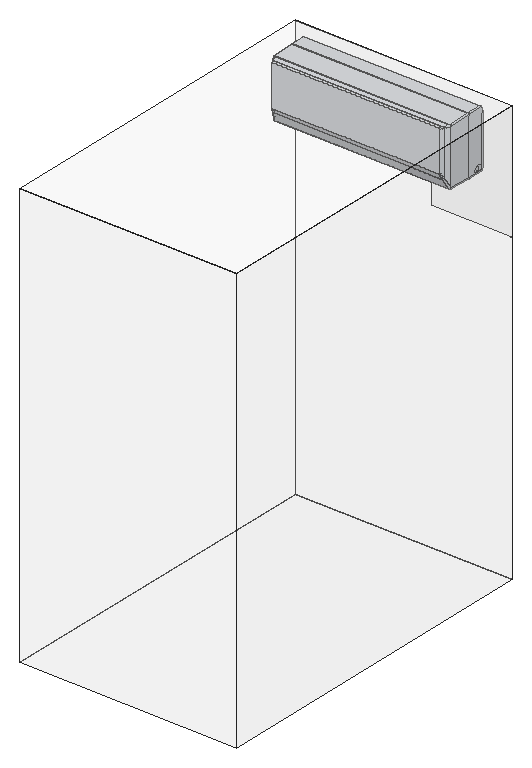
Revit family "pk-rp28_112laka19_60hz", category 機械設備, Revit 2019
Family settings
  丸型コネクタ寸法 = 直径を使用
  パーツ タイプ = 標準
  OmniClass 番号 = 23.75.10.24.21.27.27
  OmniClass タイトル = Split System Air Conditioning Units
  作業面ベース = いいえ
  常に垂直 = はい
  ロード時にボイドで切り取り = いいえ
  共有 = いいえ
  部屋計算ポイント = はい
Parameters (values of type "壁掛_PK-RP28LA3")
  風量_静 (m3/min) = 6.3
  風量_強 (m3/min) = 8.7
  風量_弱 (m3/min) = 7.3
  風量_中 (m3/min) = 8
  風量 = MAX風量  # 522.0 m³/h
  音響パワーレベル_静 (dB) = 45
  音響パワーレベル_弱 (dB) = 48
  音響パワーレベル_中 (dB) = 50
  音響パワーレベル_強 (dB) = 52
  音響パワーレベル(dB) = [音響パワーレベル_強 (dB)]  # 52
  電源種別 = ""
  電源_H = 0 mm
  電圧 = 0 V
  電動機出力_送風機 = 0.03 kW
  運転質量 = 0.00 kg
  連動 = ""
  質量 = if(製品質量 > 運転質量, 製品質量, 運転質量) * 1.2  # 15.00 kg
  負荷分類 = 3_ファン類
  構成品番 = "PK-RP28LA3"
  壁掛_PK-RP80_112KA17 = no
  壁掛_PK-RP56_71KA17 = no
  壁掛_PK-RP40_50LA = yes
  冷媒液管位置-Z = 280 mm
  冷媒液管位置-Y = 23 mm
  冷媒液管位置-X = 711 mm
  冷媒ガス管位置-Z = 268 mm
  冷媒ガス管位置-Y = 23 mm
  冷媒ガス管位置-X = 642 mm
  ドレン管径 (外径) = 22 mm
  ドレン位置-Z = 274 mm
  ドレン位置-Y = 37 mm
  ドレン位置-X = 660 mm
  サービススペース PK-RP56KA～PK-RP71KA = no
  サービススペース PK-RP40LA～PK-RP50LA / PK-RP80KA～PK-RP112KA = yes
  【値が 0 の項目は組合せ形名にてご確認ください】 = ""
  URL = "https://www.mitsubishielectric.co.jp/ldg/wink/ssl/top.do"
  Space Top = 50 mm
  Space Right_1 = 260 mm
  Space Right = 150 mm
  Space Left = 50 mm
  Space Bot_2 = 250 mm
  Space Bot_1 = 7 mm
  MIN２風量 = [風量_静 (m3/min)] * 60.0 m³/h  # 378.0 m³/h
  MIN風量 = [風量_弱 (m3/min)] * 60.0 m³/h  # 438.0 m³/h
  MID風量 = [風量_中 (m3/min)] * 60.0 m³/h  # 480.0 m³/h
  MAX風量 = [風量_強 (m3/min)] * 60.0 m³/h  # 522.0 m³/h
  説明 = "店舗・事務所用パッケージエアコン(Mr.SLIM) 壁掛形<ワイヤード>"
  設計暖房能力 = 0.00 kW
  設計冷房能力_顕熱 = 0 kW
  設計冷房能力 = 0 kW
  設置方法 = "壁掛形"
  記号 = ""
  製造元 = "三菱電機株式会社"
  製品質量 = 12.50 kg
  製品出荷対象 = "国内"
  製品リリース年月 = ""
  製品グループ = ""
  系統 = ""
  符号 = "PAC_WR"
  積算_科目 = "1 空気調和設備"
  積算_拾い区分 [instance] = ""
  相 = 1
  盤記号 = ""
  発停方法 = "付属スイッチ"
  特殊仕様 = ""
  火災停止 = ""
  消費電力_暖房 = 0.02 kW
  消費電力_冷房 = 0.03 kW
  消費電力 = if(消費電力_冷房 > 消費電力_暖房, 消費電力_冷房, 消費電力_暖房)  # 0.03 kW
  法定耐用年数 = "6"
  極数 = 1
  材質 = ""
  本体マテリアル = none
  有効加湿量 = 0
  暖房能力 = 2.80 kW
  推奨ブレーカー容量 = 0 A
  形式_加湿器 = ""
  形式 = "壁掛（露出）形"
  幹線記号 = ""
  始動方式 = "直入"
  呼称 = "室内機_壁掛（露出）形"
  周波数 = 60 Hz
  吊り位置Y = 0 mm
  吊り位置X = 0 mm
  吊りボルト_H = 0 mm
  台数_手元リモコン = ""
  台数_冷媒分岐ユニット = ""
  参照している仕様書等のバージョン = "公共建築工事標準仕様書（機械設備工事編）平成31年度版"
  加湿給水管径 = 0.00 mm
  分類コード = "5.0053E+13"
  分類グループ = ""
  冷房能力 = 2.5 kW
  冷媒高低圧ガス管径 = 0.00 mm
  冷媒管径符号 = "Ac"
  冷媒管径 = 100.00 mm
  冷媒液管径 = 6.35 mm
  冷媒ガス管径 = 12.70 mm
  企業コード = "108420"
  付属品_フィルター = ""
  付属品 = ""
  仕様書バージョン = "Version1.0"
  Model = ""
  パネルマテリアル = none
  ドレン管径 = 16.00 mm
  サービススペース = yes
  コメント [instance] = ""
  ケーブル種類 = ""
  ケーブルサイズ = 0 mm
  Width = 898 mm
  Uniclass2015Version = "Systems v1.9"
  Uniclass2015Title = "Split coil remote air cooled condensing units"
  Uniclass2015Code = "Pr_70_65_03_84"
  SpecificationReference = ""
  SpecificationDescription = ""
  S_H = 356 mm
  Revision = ""
  ProductInformation = ""
  OmniClassCode = "23-33 17 13 11"
  IfcTypeProduct = ""
  IfcProduct = ""
  IfcExportType = "AIRCONDITIONINGUNIT"
  IfcExportAs = "IfcUnitaryEquipmentType"
  Height = 299 mm
  Depth = 237 mm
  価格 = 0
  Clearance Top = 50 mm
  Clearance Right = 150 mm
  Clearance Left = 50 mm
  Clearance Front = 1500 mm
  Clearance Bottom = 1800 mm
  Clearance Back = 0 mm
  Author = "三菱電機株式会社"
Reference planes
  plane 1 "中心(正面/背面)": y = 0
  plane 2: z = 11
  plane 3 "中心(左/右)": x = 0
  plane 4: x = -449
  plane 5: x = 449
  plane 6: z = -288
  plane 7: y = -242
  plane 8: y = -5
  plane 9: x = -211
  plane 10: x = -193
  plane 11: x = -262
  plane 12: y = -28
  plane 13: y = -28
  plane 14: y = -42
  plane 15: z = -269
  plane 16: z = -257
  plane 17: z = -263
  plane 18: z = 61
  plane 19: x = -499
  plane 20: x = 599
  plane 21: z = -295
  plane 22: z = -538
  plane 23: x = 189
  plane 24: y = -1742
  plane 25: z = -2088
  plane 26: x = -499
  plane 27: x = 599
  plane 28: y = -28
Forms (mm)
  Extrusion 1, solid, detail levels fine
    sketch origin (-88.875, 0, -1713) x (-1, 0, 0) y (0, 0, 1)
      loop
        line (-487.875, 1574) -> (-487.875, 1549) -> (-462.875, 1549) -> (-462.875, 1574) -> (-487.875, 1574)
    from -1 to 0
  Extrusion 2, solid, detail levels fine
    sketch origin (0, 0, 0) x (0, 1, 0) y (0, 0, 1)
      loop
        circle (-42, -263) r 11
    from 444 to 449
  Extrusion 3, solid, detail levels fine
    sketch origin (0, 0, 0) x (0, 1, 0) y (0, 0, 1)
      loop
        circle (-28, -263) r 15
    from 444 to 449
Dimensions and locks
  equal spacing: plane 5, plane 3 "中心(左/右)", plane 4
  "Width": plane 5 to plane 4
  "Height": level to plane 6
  locked: plane 8 to plane 1 "中心(正面/背面)" at 5
  "Depth": plane 7 to plane 8
  "ドレン位置-X": plane 5 to plane 9
  "冷媒ガス管位置-X": plane 5 to plane 10
  "冷媒液管位置-X": plane 5 to plane 11
  "ドレン位置-Y": plane 14 to plane 8
  "冷媒ガス管位置-Y": plane 13 to plane 8
  "冷媒液管位置-Y": plane 12 to plane 8
  "ドレン位置-Z": level to plane 17
  "冷媒ガス管位置-Z": level to plane 16
  "冷媒液管位置-Z": level to plane 15
  "Space Top": plane 18 to level
  "Space Left": plane 4 to plane 19
  "Space Right": plane 20 to plane 5
  "Space Bot_1": plane 6 to plane 21
  "Space Bot_2": plane 6 to plane 22
  "Space Right_1": plane 5 to plane 23
  equal spacing: plane 16, Extrusion 3 sketch curve, plane 15
  equal spacing: plane 12, Extrusion 3 sketch curve, plane 13
  locked: plane 5 to Extrusion 3 at 5
  "Clearance Front": plane 24 to plane 7
  "Clearance Bottom": plane 6 to plane 25
  "Clearance Left": plane 4 to plane 26
  "Clearance Right": plane 27 to plane 5
  plane 5 to Extrusion 1 sketch curve = 50 mm
  nested 3 to Extrusion 1 sketch curve = 150 mm
  "Clearance Top": nested 4 to plane 2
  "ドレン管径 (外径)": diameter of Extrusion 2 sketch curve
  aligned and locked: level to plane 2
  aligned and locked: plane 1 "中心(正面/背面)" to nested 1
  aligned and locked: plane 1 "中心(正面/背面)" to nested 2
  aligned and locked: plane 1 "中心(正面/背面)" to nested 3
  aligned and locked: level to nested 1
  aligned and locked: level to nested 3
  aligned and locked: plane 3 "中心(左/右)" to nested 2
  aligned and locked: plane 3 "中心(左/右)" to nested 1
  aligned and locked: plane 3 "中心(左/右)" to nested 3
  aligned and locked: plane 14 to Extrusion 2 sketch curve
  aligned and locked: plane 17 to Extrusion 2 sketch curve
  aligned and locked: plane 5 to Extrusion 3
  aligned and locked: plane 5 to Extrusion 2
  aligned and locked: Extrusion 3 to Extrusion 2
  aligned and locked: plane 1 "中心(正面/背面)" to nested 4
  aligned and locked: plane 24 to nested 4
  aligned and locked: plane 25 to nested 4
  aligned and locked: plane 26 to nested 4
  aligned and locked: plane 27 to nested 4
  aligned and locked: plane 18 to nested 4
  aligned and locked: plane 1 "中心(正面/背面)" to nested 5
  aligned and locked: plane 3 "中心(左/右)" to nested 5
  aligned and locked: plane 2 to nested 3
Automatic sketch dimensions
  Extrusion 1 sketch curve to plane 5 = 75 mm
  Extrusion 1 sketch curve to Extrusion 1 sketch curve = 25 mm
  radius of Extrusion 3 sketch curve = 15 mm
Nested families
  nested 1: "pk-rp40_50(la)ka17" at (0, 0, 10), type "壁掛_PK-RP40_50LA", detail levels fine
  nested 2: "pk-rp56_71(la)ka17" at (0, 0, 11), type "壁掛_PK-RP56_71KA17"
    with 壁掛_PK-RP56-71KA17 no
  nested 3: "pk-rp80_112(la)ka17" at (0, 0, 11), type "壁掛_PK-RP80_112KA17"
    with 壁掛_PK-RP80_112KA17 no, 冷媒液管径 6.35 mm, 冷媒ガス管径 12.70 mm
  nested 4: "サービススペース" at (50, -871, -1013.5), visible <- "サービススペース", type "サービススペース"
    with Width 1098 mm, Height 2149 mm, Depth 1742 mm
  nested 5: "Space View" at (0, 0, 11), Bot_1 <- "Space Bot_1", Bot_2 <- "Space Bot_2", Hight <- "Height", Left <- "Space Left", Right <- "Space Right", Right_1 <- "Space Right_1", Top <- "Space Top", Width <- "Width", Space View <- "サービススペース PK-RP40LA～PK-RP50LA / PK-RP80KA～PK-RP112KA", type "Space View"
    with Width 898 mm, Top 50 mm, Space View yes, Right_1 260 mm, Right 150 mm, Left 50 mm, Hight 299 mm, Bot_2 250 mm, Bot_1 7 mm
Connectors
  piping at (449, -42, -263), diameter 22, driven by "ドレン管径 (外径)"
    settings: on Extrusion 2, index 1, connector inside diameter 609.60 mm, connector length 0 mm, flow factor 0, pipe flow 0.0 L/s, pressure drop 0.0 Pa, fitting loss kfactor 0, connector angle 0.00°, fixture units 0, engagement length 0 mm, angle of deflection 0.00°, flow configuration 1, flow direction 2, fitting loss method 4, system type 16, joint type 0, gender type 0, connector reference index -1, connector utility 0, adjustable connector no, is connector primary yes, connector description ""
  piping at (449, -28, -263), diameter 100, driven by "冷媒管径", driven by "冷媒管径符号"
    settings: on Extrusion 3, index 2, connector inside diameter 609.60 mm, connector length 0 mm, flow factor 0, pipe flow 0.0 L/s, pressure drop 0.0 Pa, fitting loss kfactor 0, connector angle 0.00°, fixture units 0, engagement length 0 mm, angle of deflection 0.00°, flow configuration 1, flow direction 1, fitting loss method 4, system type 7, joint type 0, gender type 0, connector reference index -1, connector utility 0, adjustable connector no, is connector primary no, connector description "Ac"
  electrical at (386.5, 0, -151.5), driven by "極数", driven by "負荷分類", driven by "電圧", driven by "消費電力"
    settings: on Extrusion 1, index 3, voltage 0 V, apparent load 30 VA, apparent load phase1 0 VA, apparent load phase2 0 VA, apparent load phase3 0 VA, power factor 1, load classification "3_ファン類", number of poles 1, system type 30, power factor state 1, is connector primary yes, connector utility no, sub classification motor no, connector description ""
Definition of nested family "pk-rp40_50(la)ka17"
  Parameters (values of type "壁掛_PK-RP40_50LA")
    壁掛_PK-RP40_50LA = yes
    冷媒液管位置-Y = 37 mm
    冷媒液管位置-X = 711 mm
    冷媒ガス管位置-Y = 23 mm
    冷媒ガス管位置-X = 642 mm
    ドレン管径 (外径) = 22 mm
    ドレン位置-Y = 23 mm
    ドレン位置-X = 660 mm
    URL = ""
    Description = ""
    Manufacturer = ""
    冷媒管径符号 = "Ac"
    冷媒管径 = 100.00 mm
    冷媒液管位置-Z = 280 mm
    冷媒液管径 = 6.35 mm
    冷媒ガス管位置-Z = 268 mm
    冷媒ガス管径 = 12.70 mm
    Model = ""
    ドレン位置-Z = 274 mm
    ドレン管径 = 16.00 mm
    Width = 898 mm
    S_H = 356 mm
    Height = 299 mm
    Depth = 237 mm
    Cost = 0
  Reference planes
    plane 1 "中心(正面/背面)": y = 0
    plane 2: z = 1
    plane 3 "中心(左/右)": x = 0
    plane 4 "UNDER": z = -298
    plane 5 "Left": x = -449
    plane 6: x = 449
    plane 7 "Fkidasi_L": x = -400
    plane 8 "Fkidasi_X": x = -262
    plane 9 "Fkidasi_Y": x = -193
    plane 10: y = -5
    plane 11: y = -42
    plane 12: y = -242
    plane 13: z = -279
    plane 14: z = -267
    plane 15: z = -273
    plane 16: y = -28
    plane 17: y = -28
    plane 18: x = -211
    plane 19: z = 1
    plane 20: x = 0
    plane 21: x = 0
  Forms (mm)
    Extrusion 1, void, detail levels fine
      sketch origin (0, 75, -2499) x (0, -1, 0) y (0, 0, 1)
        loop
          line (89, 2500) -> (80, 2500) -> (80, 2487) -> (89, 2500)
      from 449 to -449
    Extrusion 2, solid, visible <- "壁掛_PK-RP40_50LA", detail levels fine
      sketch origin (0, 0, -2509.072) x (-1, 0, 0) y (0, 0, 1)
        loop
          line (449, 2485.072) -> (-449, 2485.072) -> (-449, 2224.072) -> (449, 2224.072) -> (449, 2485.072)
      from 0 to -5
    Extrusion 3, solid, visible <- "壁掛_PK-RP40_50LA", detail levels fine
      sketch origin (0, -5, -2499) x (0, 0, -1) y (-1, 0, 0)
        loop
          line (-2500, 444) -> (-2500, -444)
          arc (-2500, -444) -> (-2498.536, -447.536) -> (-2495, -449) r 5
          line (-2495, -449) -> (-2206, -449)
          arc (-2206, -449) -> (-2202.464, -447.536) -> (-2201, -444) r 5
          line (-2201, -444) -> (-2201, 444)
          arc (-2201, 444) -> (-2202.464, 447.536) -> (-2206, 449) r 5
          line (-2206, 449) -> (-2495, 449)
          arc (-2495, 449) -> (-2498.536, 447.536) -> (-2500, 444) r 5
      from 0 to -83
    Blend 4, solid, visible <- "壁掛_PK-RP40_50LA"
      base sketch origin (0, -202, -1799) x (0, 0, 1) y (1, 0, 0)
        loop
          line (1796, -444) -> (1796, 444)
          arc (1796, 444) -> (1794.536, 447.536) -> (1791, 449) r 5
          line (1791, 449) -> (1515, 449)
          arc (1515, 449) -> (1508.636, 446.364) -> (1506, 440) r 9
          line (1506, 440) -> (1506, -440)
          arc (1506, -440) -> (1508.636, -446.364) -> (1515, -449) r 9
          line (1515, -449) -> (1791, -449)
          arc (1791, -449) -> (1794.536, -447.536) -> (1796, -444) r 5
      top sketch origin (0, -202, -1799) x (0, 0, 1) y (1, 0, 0)
        loop
          line (1793, -427) -> (1793, 427)
          arc (1793, 427) -> (1791.536, 430.536) -> (1788, 432) r 5
          line (1788, 432) -> (1559, 432)
          arc (1559, 432) -> (1555.464, 430.536) -> (1554, 427) r 5
          line (1554, 427) -> (1554, -427)
          arc (1554, -427) -> (1555.464, -430.536) -> (1559, -432) r 5
          line (1559, -432) -> (1788, -432)
          arc (1788, -432) -> (1791.536, -430.536) -> (1793, -427) r 5
      from 0 to -25
    Blend 5, solid, visible <- "壁掛_PK-RP40_50LA", detail levels fine
      base sketch origin (0, -227, -1799) x (0, 0, 1) y (1, 0, 0)
        loop
          arc (1793, 427) -> (1791.536, 430.536) -> (1788, 432) r 5
          line (1788, 432) -> (1559, 432)
          arc (1559, 432) -> (1555.464, 430.536) -> (1554, 427) r 5
          line (1554, 427) -> (1554, -427)
          arc (1554, -427) -> (1555.464, -430.536) -> (1559, -432) r 5
          line (1559, -432) -> (1788, -432)
          arc (1788, -432) -> (1791.536, -430.536) -> (1793, -427) r 5
          line (1793, -427) -> (1793, 427)
      top sketch origin (0, -227, -1799) x (0, 0, 1) y (1, 0, 0)
        loop
          line (1793, -419) -> (1793, 419)
          arc (1793, 419) -> (1791.536, 422.536) -> (1788, 424) r 5
          line (1788, 424) -> (1590, 424)
          arc (1590, 424) -> (1586.464, 422.536) -> (1585, 419) r 5
          line (1585, 419) -> (1585, -419)
          arc (1585, -419) -> (1586.464, -422.536) -> (1590, -424) r 5
          line (1590, -424) -> (1788, -424)
          arc (1788, -424) -> (1791.536, -422.536) -> (1793, -419) r 5
      from 0 to -15
    Blend 6, solid, visible <- "壁掛_PK-RP40_50LA", detail levels fine
      base sketch origin (62.5, -88, -1799) x (0, 0, 1) y (1, 0, 0)
        loop
          arc (1800, 381.5) -> (1798.536, 385.036) -> (1795, 386.5) r 5
          line (1795, 386.5) -> (1506, 386.5)
          arc (1506, 386.5) -> (1502.464, 385.036) -> (1501, 381.5) r 5
          line (1501, 381.5) -> (1501, -506.5)
          arc (1501, -506.5) -> (1502.464, -510.036) -> (1506, -511.5) r 5
          line (1506, -511.5) -> (1795, -511.5)
          arc (1795, -511.5) -> (1798.536, -510.036) -> (1800, -506.5) r 5
          line (1800, -506.5) -> (1800, 381.5)
      top sketch origin (62.5, -88, -1799) x (0, 0, 1) y (1, 0, 0)
        loop
          line (1796, -506.5) -> (1796, 381.5)
          arc (1796, 381.5) -> (1794.536, 385.036) -> (1791, 386.5) r 5
          line (1791, 386.5) -> (1511, 386.5)
          arc (1511, 386.5) -> (1507.464, 385.036) -> (1506, 381.5) r 5
          line (1506, 381.5) -> (1506, -502.5)
          arc (1506, -502.5) -> (1508.636, -508.864) -> (1515, -511.5) r 9
          line (1515, -511.5) -> (1791, -511.5)
          arc (1791, -511.5) -> (1794.536, -510.036) -> (1796, -506.5) r 5
      from 0 to -114
    Sweep 7, solid, visible <- "壁掛_PK-RP40_50LA", detail levels fine
      path origin (0, 75, -1799) x (-1, 0, 0) y (0, 0, 1)
        loop
          line (262, 1521) -> (-271, 1521)
      profile origin (4.5, 75, -278) x (0, 0, -1) y (0, 1, 0)
        loop
          circle (1, -103) r 3.175
    Sweep 8, solid, visible <- "壁掛_PK-RP40_50LA", detail levels fine
      path origin (0, 75, -1799) x (-1, 0, 0) y (0, 0, 1)
        loop
          line (-257, 1533) -> (193, 1533)
      profile origin (32, 75, -266) x (0, 0, 1) y (0, 1, 0)
        loop
          circle (-1, -103) r 6.35
    Sweep 9, solid, visible <- "壁掛_PK-RP40_50LA", detail levels fine
      path origin (0, 75, -1799) x (-1, 0, 0) y (0, 0, 1)
        loop
          line (211, 1527) -> (-289, 1527)
      profile origin (39, 75, -272) x (0, 0, -1) y (0, 1, 0)
        loop
          circle (1, -117) r 11
  Cuts and joins
    Extrusion 1 cuts Extrusion 3
  Lines and regions (mm)
    model lines, visible <- "壁掛_PK-RP40_50LA", detail levels fine
      curve 1: line (274, -5, -298) -> (274, -54, -298)
      curve 2: line (292, -72, -298) -> (331, -72, -298)
      curve 3: line (349, -54, -298) -> (349, -5, -298)
      curve 4: line (324, -54, -298) -> (324, -5, -298)
      curve 5: arc (292, -72, -298) -> (279.272, -66.728, -298) -> (274, -54, -298) r 18
      curve 6: arc (306, -72, -298) -> (318.728, -66.728, -298) -> (324, -54, -298) r 18
      curve 7: arc (331, -72, -298) -> (343.728, -66.728, -298) -> (349, -54, -298) r 18
      curve 8: line (-430, -5, -298) -> (-430, -54, -298)
      curve 9: line (-412, -72, -298) -> (-378, -72, -298)
      curve 10: line (-360, -54, -298) -> (-360, -5, -298)
      curve 11: line (-399.073, -53.123, -298) -> (-399.073, -5, -298)
      curve 12: arc (-412, -72, -298) -> (-424.728, -66.728, -298) -> (-430, -54, -298) r 18
      curve 13: arc (-399.073, -53.123, -298) -> (-394.55, -65.481, -298) -> (-383.118, -72, -298) r 19.145
      curve 14: arc (-360, -54, -298) -> (-365.272, -66.728, -298) -> (-378, -72, -298) r 18
      curve 15: line (366.5, -202, -293) -> (366.5, -208.929, -279.696)
      curve 16: line (366.5, -208.929, -279.696) -> (326.5, -208.929, -279.696)
      curve 17: line (326.5, -208.929, -279.696) -> (326.5, -202, -293)
      curve 18: line (326.5, -202, -293) -> (326.5, -188.513, -293.592)
      curve 19: line (326.5, -188.513, -293.592) -> (366.5, -188.513, -293.592)
      curve 20: line (366.5, -188.513, -293.592) -> (366.5, -202, -293)
      curve 21: line (449, -5, -229) -> (449, -52, -229)
      curve 22: line (449, -70, -247) -> (449, -70, -270)
      curve 23: line (449, -52, -288) -> (449, -5, -288)
      curve 24: line (449, -49.143, -241) -> (449, -5, -241)
      curve 25: arc (449, -52, -288) -> (449, -64.728, -282.728) -> (449, -70, -270) r 18
      curve 26: arc (449, -52, -229) -> (449, -64.728, -234.272) -> (449, -70, -247) r 18
      curve 27: arc (449, -70, -261.857) -> (449, -63.891, -247.109) -> (449, -49.143, -241) r 20.857
      curve 28: line (-449, -5, -288) -> (-449, -52, -288)
      curve 29: line (-449, -70, -270) -> (-449, -70, -236)
      curve 30: line (-449, -52, -218) -> (-449, -5, -218)
      curve 31: line (-449, -5, -238) -> (-449, -52, -238)
      curve 32: arc (-449, -52, -288) -> (-449, -64.728, -282.728) -> (-449, -70, -270) r 18
      curve 33: arc (-449, -70, -236) -> (-449, -64.728, -223.272) -> (-449, -52, -218) r 18
      curve 34: arc (-449, -70, -256) -> (-449, -64.728, -243.272) -> (-449, -52, -238) r 18
      curve 35: line (-400, -227, -245) -> (-400, -202, -293)
      curve 36: line (250, -227, -245) -> (250, -202, -293)
      curve 37: line (250, -202, -293) -> (250, -88, -298)
      curve 38: line (-400, -200.122, -293.082) -> (-400, -88, -298)
  Dimensions and locks
    "Width": plane 5 "Left" to plane 6
    plane 5 "Left" to plane 3 "中心(左/右)" to plane 6 = 449 mm, 449 mm
    equal spacing: plane 5 "Left", plane 3 "中心(左/右)", plane 6
    "Depth": plane 10 to plane 12
    "ドレン位置-Z": level to plane 15
    "冷媒ガス管位置-Z": level to plane 14
    "冷媒液管位置-Z": level to plane 13
    "Height": level to plane 4 "UNDER"
    "ドレン位置-Y": plane 10 to plane 17
    "冷媒ガス管位置-Y": plane 10 to plane 16
    "冷媒液管位置-Y": plane 10 to plane 11
    "冷媒液管位置-X": plane 6 to plane 8 "Fkidasi_X"
    "冷媒ガス管位置-X": plane 6 to plane 9 "Fkidasi_Y"
    "ドレン位置-X": plane 6 to plane 18
    locked: plane 10 to plane 1 "中心(正面/背面)" at 5
    "冷媒液管径": diameter of Sweep 7 sketch curve
    "冷媒ガス管径": diameter of Sweep 8 sketch curve
    "ドレン管径 (外径)": diameter of Sweep 9 sketch curve
    aligned and locked: level to plane 2
    aligned and locked: Sweep 8 to plane 9 "Fkidasi_Y"  (x2)
    aligned and locked: Sweep 7 to plane 8 "Fkidasi_X"
    aligned and locked: plane 12 to Blend 5
    aligned and locked: plane 15 to Sweep 9 sketch curve
    aligned and locked: plane 14 to Sweep 8 sketch curve
    aligned and locked: plane 13 to Sweep 7 sketch curve
    aligned and locked: plane 17 to Sweep 7 sketch curve
    aligned and locked: plane 16 to Sweep 8 sketch curve
    aligned and locked: plane 11 to Sweep 9 sketch curve
    aligned and locked: plane 20 to plane 3 "中心(左/右)"
    aligned and locked: plane 21 to plane 20
  Automatic sketch dimensions
    Extrusion 1 sketch curve to plane 10 = 0 mm
    Extrusion 1 sketch curve to plane 10 = 9 mm
    Extrusion 2 sketch curve to plane 6 = 0 mm
    plane 5 "Left" to Extrusion 2 sketch curve = 0 mm
    Extrusion 2 sketch curve to level = 286 mm
    Extrusion 3 sketch curve to plane 6 = 0 mm
    plane 5 "Left" to Extrusion 3 sketch curve = 0 mm
    Extrusion 3 sketch curve to level = 299 mm
    Extrusion 3 sketch curve to level = 294 mm  (x2)
    plane 5 "Left" to Blend 4 sketch curve = 0 mm
    Blend 4 sketch curve to plane 6 = 0 mm
    Blend 4 sketch curve to level = 294 mm
    Blend 4 sketch curve to Blend 4 sketch curve = 9 mm  (x2)
    Blend 4 sketch curve to plane 6 = 5 mm
    Blend 4 sketch curve to plane 6 = 22 mm
    Blend 4 sketch curve to level = 246 mm
    Blend 4 sketch curve to Blend 4 sketch curve = 5 mm  (x4)
    Blend 4 sketch curve to plane 5 "Left" = 22 mm
    Blend 5 sketch curve to level = 246 mm
    Blend 5 sketch curve to Blend 5 sketch curve = 5 mm  (x7)
    Blend 5 sketch curve to plane 5 "Left" = 17 mm
    Blend 5 sketch curve to plane 6 = 22 mm
    Blend 5 sketch curve to plane 7 "Fkidasi_L" = 19 mm
    Blend 5 sketch curve to level = 215 mm
    Blend 5 sketch curve to plane 6 = 30 mm
    Blend 6 sketch curve to level = 299 mm
    Blend 6 sketch curve to plane 6 = 0 mm  (x2)
    plane 5 "Left" to Blend 6 sketch curve = 0 mm  (x2)
    Blend 6 sketch curve to level = 294 mm  (x3)
    Blend 6 sketch curve to plane 6 = 5 mm  (x2)
    Blend 6 sketch curve to Blend 6 sketch curve = 9 mm
    curve 11 to Extrusion 3 = 0 mm
    curve 1 to Extrusion 3 = 0 mm
    curve 8 to Extrusion 3 = 0 mm
    curve 4 to Extrusion 3 = 0 mm
    curve 3 to Extrusion 3 = 0 mm
    curve 10 to Extrusion 3 = 0 mm
    curve 13 to Extrusion 3 = 34.877 mm
    curve 12 to curve 13 = 0.877 mm
    curve 10 to curve 13 = 0.877 mm
    curve 3 to Extrusion 3 = 34 mm
    curve 4 to curve 7 = 0 mm
    curve 9 to Extrusion 3 = 16 mm
    curve 2 to Extrusion 3 = 16 mm
    Extrusion 3 to curve 3 = 95 mm
    curve 7 to curve 4 = 7 mm
    curve 6 to curve 2 = 14 mm
    Extrusion 3 to curve 10 = 84 mm
    curve 14 to curve 13 = 1.927 mm
    curve 13 to curve 11 = 19.145 mm
    curve 13 to curve 12 = 12.927 mm
    curve 35 to Blend 4 = 0 mm
    Blend 4 to curve 35 = 0 mm
    Blend 4 to curve 36 = 0 mm
    curve 36 to Blend 4 = 0 mm
    curve 17 to Blend 4 = 0 mm
    curve 15 to Blend 4 = 0 mm
    Blend 4 to curve 17 = 15 mm
    curve 17 to Blend 4 = 106.857 mm
    curve 16 to curve 15 = 40 mm
    curve 36 to curve 17 = 76.5 mm
    curve 35 to curve 36 = 650 mm
    curve 38 to Blend 6 = 0 mm
    curve 37 to Blend 6 = 0 mm
    Blend 6 to curve 37 = 0 mm
    Blend 6 to curve 18 = 0 mm
    Blend 6 to curve 20 = 0 mm
    Blend 6 to curve 19 = 13.5 mm
    curve 19 to Blend 6 = 117.5 mm
    curve 18 to curve 19 = 40 mm
    curve 37 to curve 18 = 76.5 mm
    curve 38 to curve 37 = 650 mm
    Blend 6 to curve 38 = 1.879 mm
    curve 21 to Extrusion 3 = 0 mm
    curve 24 to Extrusion 3 = 0 mm
    curve 23 to Extrusion 3 = 0 mm
    curve 21 to curve 24 = 12 mm
    Extrusion 3 to curve 22 = 18 mm
    curve 24 to curve 22 = 6 mm
    curve 26 to curve 27 = 14.857 mm
    curve 27 to curve 25 = 8.143 mm
    curve 23 to Extrusion 3 = 5 mm
    curve 28 to Extrusion 3 = 0 mm
    curve 31 to Extrusion 3 = 0 mm
    curve 30 to Extrusion 3 = 0 mm
    curve 28 to Extrusion 3 = 5 mm
    curve 29 to Extrusion 3 = 23 mm
    curve 32 to curve 34 = 14 mm
    curve 34 to curve 31 = 18 mm
    curve 34 to curve 33 = 2 mm
    curve 33 to curve 30 = 18 mm
    Extrusion 3 to curve 32 = 36 mm
    Sweep 7 sketch curve to plane 8 "Fkidasi_X" = 0 mm
    Sweep 8 sketch curve to plane 9 "Fkidasi_Y" = 0 mm
    Sweep 9 sketch curve to plane 9 "Fkidasi_Y" = 18 mm
    Extrusion 1 sketch curve to level = 13 mm
    Extrusion 1 sketch curve to level = 0 mm
    Extrusion 2 sketch curve to level = 25 mm
    Extrusion 3 sketch curve to level = 5 mm  (x2)
    Extrusion 3 sketch curve to level = 0 mm
    Blend 4 sketch curve to level = 9 mm  (x2)
    Blend 4 sketch curve to level = 12 mm
    Blend 5 sketch curve to level = 12 mm  (x3)
    Blend 6 sketch curve to level = 5 mm  (x2)
    Blend 6 sketch curve to level = 0 mm
    Blend 6 sketch curve to level = 9 mm  (x2)
    plane 13 to Sweep 7 sketch curve = 1 mm
    plane 14 to Sweep 8 sketch curve = 1 mm
    plane 15 to Sweep 9 sketch curve = 1 mm
    curve 5 to curve 6 = 0 mm
    Sweep 7 sketch curve to plane 6 = 178 mm
    Sweep 8 sketch curve to plane 6 = 192 mm
    Sweep 9 sketch curve to plane 6 = 160 mm
    curve 22 to Extrusion 3 = 23 mm
Definition of nested family "サービススペース"
  Parameters (values of type "サービススペース")
    Width [instance] = 500 mm
    Height [instance] = 500 mm
    Depth [instance] = 500 mm
  Reference planes
    plane 1 "中心(正面/背面)": y = 0
    plane 2: z = 0
    plane 3 "中心(左/右)": x = 0
    plane 4: y = -250
    plane 5: x = 250
    plane 6: y = 250
    plane 7: x = -250
    plane 8: z = 250
    plane 9: z = -250
  Forms (mm)
    Extrusion 1, solid
      sketch origin (-638.939, 0, 72.39) x (1, 0, 0) y (0, 1, 0)
        loop
          line (388.939, 250) -> (388.939, -250) -> (888.939, -250) -> (888.939, 250) -> (388.939, 250)
      from -322.39 to 177.61
  Lines and regions (mm)
    symbolic lines
      curve 1: line (-250, 0, 250) -> (250, 0, 250)
      curve 2: line (-250, 0, -250) -> (-250, 0, 250)
      curve 3: line (250, 0, -250) -> (-250, 0, -250)
      curve 4: line (250, 0, 250) -> (250, 0, -250)
      curve 5: line (0, -250, 250) -> (0, 250, 250)
      curve 6: line (0, -250, -250) -> (0, -250, 250)
      curve 7: line (0, 250, -250) -> (0, -250, -250)
      curve 8: line (0, 250, 250) -> (0, 250, -250)
      curve 9: line (-250, 250, 0) -> (250, 250, 0)
      curve 10: line (-250, -250, 0) -> (-250, 250, 0)
      curve 11: line (250, -250, 0) -> (-250, -250, 0)
      curve 12: line (250, 250, 0) -> (250, -250, 0)
  Dimensions and locks
    equal spacing: plane 7, plane 3 "中心(左/右)", plane 5
    equal spacing: plane 4, plane 1 "中心(正面/背面)", plane 6
    "Depth": plane 4 to plane 6
    "Width": plane 7 to plane 5
    equal spacing: plane 8, plane 2, plane 9
    "Height": plane 8 to plane 9
    aligned and locked: plane 9 to curve 3
    aligned and locked: plane 7 to curve 2
    aligned and locked: curve 4 to plane 5
    aligned and locked: plane 5 to Extrusion 1
    aligned and locked: Extrusion 1 to plane 7
    aligned and locked: Extrusion 1 to plane 9
    aligned and locked: plane 8 to Extrusion 1
    aligned and locked: plane 9 to curve 7
  Automatic sketch dimensions
    plane 4 to Extrusion 1 sketch curve = 0 mm
    Extrusion 1 sketch curve to plane 7 = 0 mm
    Extrusion 1 sketch curve to plane 5 = 0 mm
    plane 6 to Extrusion 1 sketch curve = 0 mm
    curve 2 to plane 8 = 0 mm
    plane 4 to curve 11 = 0 mm
    curve 11 to plane 7 = 0 mm
    curve 11 to plane 5 = 0 mm
    plane 6 to curve 10 = 0 mm
    curve 7 to plane 4 = 0 mm
    curve 7 to plane 6 = 0 mm
    curve 6 to plane 8 = 0 mm
Definition of nested family "Space View"
  Parameters (values of type "Space View")
    Width [instance] = 898 mm
    Top [instance] = 50 mm
    Space View [instance] = yes
    Right_1 [instance] = 260 mm
    Right [instance] = 150 mm
    Left [instance] = 50 mm
    Hight [instance] = 299 mm
    Bot_2 [instance] = 250 mm
    Bot_1 [instance] = 7 mm
  Reference planes
    plane 1 "Center (Front/Back)": y = 0
    plane 2: z = 0
    plane 3 "Center (Left/Right)": x = 0
    plane 4: x = -499
    plane 5: z = 50
    plane 6: x = 599
    plane 7: z = -306
    plane 8: z = -549
    plane 9: x = -449
    plane 10: x = 449
    plane 11: z = -299
    plane 12: x = 189
  Forms (mm)
    Extrusion 1, solid, visible <- "Space View"
      sketch origin (0, 0, -1800) x (-1, 0, 0) y (0, 0, 1)
        loop
          line (499, 1850) -> (-599, 1850) -> (-599, 1251) -> (-189, 1251) -> (-189, 1494) -> (499, 1494) -> (499, 1850)
      from 0 to -1
  Dimensions and locks
    equal spacing: plane 10, plane 3 "Center (Left/Right)", plane 9
    "Width": plane 10 to plane 9
    "Right": plane 10 to plane 6
    "Left": plane 9 to plane 4
    "Hight": level to plane 11
    "Bot_1": plane 11 to plane 7
    "Bot_2": plane 11 to plane 8
    "Top": plane 5 to level
    "Right_1": plane 12 to plane 10
    aligned and locked: level to plane 2
    aligned and locked: Extrusion 1 to plane 4
    aligned and locked: plane 5 to Extrusion 1
    aligned and locked: plane 6 to Extrusion 1
    aligned and locked: plane 7 to Extrusion 1
    aligned and locked: plane 8 to Extrusion 1
    aligned and locked: plane 5 to Extrusion 1 sketch curve
    aligned and locked: Extrusion 1 sketch curve to plane 4
    aligned and locked: Extrusion 1 sketch curve to plane 7
    aligned and locked: Extrusion 1 sketch curve to plane 8
    aligned and locked: Extrusion 1 sketch curve to plane 6
    aligned and locked: plane 12 to Extrusion 1
  Automatic sketch dimensions
    plane 10 to Extrusion 1 sketch curve = 260 mm
Definition of nested family "pk-rp56_71(la)ka17"
  Parameters (values of type "壁掛_PK-RP56_71KA17")
    壁掛_PK-RP56-71KA17 = yes
    冷媒液管位置-Z = 250 mm
    冷媒液管位置-Y = 25 mm
    冷媒液管位置-X = 673 mm
    冷媒ガス管位置-Z = 270 mm
    冷媒ガス管位置-Y = 25 mm
    冷媒ガス管位置-X = 603 mm
    ドレン管径 (外径) = 22 mm
    ドレン位置-Z = 300 mm
    ドレン位置-Y = 25 mm
    ドレン位置-X = 733 mm
    URL = ""
    Description = ""
    Manufacturer = ""
    冷媒管径符号 = "Ac"
    冷媒管径 = 100.00 mm
    冷媒液管径 = 6.35 mm
    冷媒ガス管径 = 12.70 mm
    Model = ""
    ドレン管径 = 16.00 mm
    Width = 1100 mm
    S_H = 404 mm
    Height = 325 mm
    Depth = 258 mm
    Cost = 0
  Reference planes
    plane 1 "中心(正面/背面)": y = 0
    plane 2: z = 0
    plane 3 "中心(左/右)": x = 0
    plane 4 "TOP": z = 0
    plane 5 "UNDER": z = -325
    plane 6 "Left": x = -550
    plane 7: x = 550
    plane 8 "Fkidasi_V": z = -332
    plane 9 "Fkidasi_Z": z = -300
    plane 10 "Fkidasi_AA": z = -270
    plane 11 "Fkidasi_BB": z = -250
    plane 12: x = 377
    plane 13 "Fkidasi_CC": x = -183
    plane 14 "Fkidasi_DD": x = -123
    plane 15 "Fkidasi_EE": x = -53
    plane 16: y = -5
    plane 17: y = -263
    plane 18: y = -30
    plane 19: y = -30
    plane 20: y = -30
    plane 21: z = 0
    plane 22: x = 0
  Forms (mm)
    Sweep 1, solid, visible <- "壁掛_PK-RP56-71KA17", detail levels fine
      path origin (0, 85, -1776) x (-1, 0, 0) y (0, 0, 1)
        loop
          line (-377, 1506) -> (53, 1506)
      profile origin (162, 85, -270) x (0, 0, 1) y (0, 1, 0)
        loop
          circle (0, -115) r 6.35
    Sweep 2, solid, visible <- "壁掛_PK-RP56-71KA17", detail levels fine
      path origin (0, 85, -1744) x (-1, 0, 0) y (0, 0, 1)
        loop
          line (123, 1494) -> (-377, 1494)
      profile origin (127, 85, -250) x (0, 0, -1) y (0, 1, 0)
        loop
          circle (0, -115) r 3.175
    Sweep 3, solid, visible <- "壁掛_PK-RP56-71KA17", detail levels fine
      path origin (0, 75, -1850) x (-1, 0, 0) y (0, -1, 0)
        loop
          line (183, 105) -> (-377, 105)
      profile origin (97, -30, -1850) x (0, 1, 0) y (0, 0, 1)
        loop
          circle (0, 1550) r 11
    Extrusion 4, solid, visible <- "壁掛_PK-RP56-71KA17"
      sketch origin (-572, -4.93, 72) x (0, 0, -1) y (0, -1, 0)
        loop
          arc (72, 6.933) -> (72.338, 5.549) -> (73.277, 4.477) r 3
          line (73.277, 4.477) -> (78.269, 0.976)
          arc (78.269, 0.976) -> (79.634, 0.302) -> (81.14, 0.07) r 5
          line (81.14, 0.07) -> (93.863, 0.07) -> (93.863, -3.73)
          arc (93.863, -3.73) -> (94.214, -4.579) -> (95.063, -4.93) r 1.2
          line (95.063, -4.93) -> (382.983, -4.93)
          arc (382.983, -4.93) -> (383.752, -4.777) -> (384.402, -4.34) r 2
          line (384.402, -4.34) -> (391.687, 2.995) -> (393.576, 2.486) -> (396.064, 2.486) -> (396.064, 74.487) -> (397, 74.487) -> (396.249, 96.275)
          arc (396.249, 96.275) -> (386.433, 144.686) -> (361.405, 187.272) r 149.804
          arc (361.405, 187.272) -> (360.715, 187.808) -> (359.863, 187.999) r 2
          line (359.863, 187.999) -> (351.218, 187.999) -> (351.218, 189.494) -> (358.547, 189.494)
          arc (358.547, 189.494) -> (359.077, 189.813) -> (359.045, 190.43) r 0.6
          arc (359.045, 190.43) -> (356.535, 194.254) -> (354.116, 198.136) r 193.914
          arc (354.116, 198.136) -> (346.059, 210.496) -> (337.22, 222.309) r 228.274
          line (337.22, 222.309) -> (330.325, 231.46)
          arc (330.325, 231.46) -> (329.848, 231.872) -> (329.245, 232.052) r 1.5
          arc (329.245, 232.052) -> (268.628, 247.266) -> (206.817, 256.492) r 639.712
          arc (206.817, 256.492) -> (187.622, 257.823) -> (168.382, 258) r 320.323
          arc (168.382, 258) -> (152.854, 257.385) -> (137.36, 256.189) r 414.965
          arc (137.36, 256.189) -> (135.749, 255.382) -> (135.1, 253.701) r 2.5
          line (135.1, 253.701) -> (135.1, 238.591) -> (133.187, 234.008)
          arc (133.187, 234.008) -> (111.703, 220.588) -> (95.132, 201.429) r 84.941
          arc (95.132, 201.429) -> (91.762, 195.916) -> (88.556, 190.306) r 219.053
          arc (88.556, 190.306) -> (88.564, 189.763) -> (89.035, 189.494) r 0.547
          line (89.035, 189.494) -> (93.338, 189.494) -> (92.464, 187.999) -> (86.86, 187.999)
          arc (86.86, 187.999) -> (86.322, 187.842) -> (85.953, 187.421) r 1
          arc (85.953, 187.421) -> (81.274, 174.893) -> (78.608, 161.789) r 85.448
          arc (78.608, 161.789) -> (73.655, 125.49) -> (72, 88.891) r 405.418
          line (72, 88.891) -> (72, 6.933)
      from -1122 to -22
  Lines and regions (mm)
    model lines, visible <- "壁掛_PK-RP56-71KA17", detail levels fine
      curve 1: line (550, -79.418, -324.064) -> (550, -79.418, 0)
      curve 2: line (550, 0, -241.868) -> (550, -79.418, -241.868)
      curve 3: line (550, 0, -243.128) -> (550, -64.595, -243.128)
      curve 4: line (550, -72.595, -251.128) -> (550, -72.595, -311.603)
      curve 5: line (550, -64.595, -319.603) -> (550, -7.841, -319.603)
      curve 6: arc (550, -64.595, -243.128) -> (550, -70.251, -245.471) -> (550, -72.595, -251.128) r 8
      curve 7: arc (550, -72.595, -311.603) -> (550, -70.251, -317.26) -> (550, -64.595, -319.603) r 8
      curve 8: line (-550, -79.418, -324.064) -> (-550, -79.418, 0)
      curve 9: line (-550, 0, -241.868) -> (-550, -79.418, -241.868)
      curve 10: line (-550, 0, -243.128) -> (-550, -64.595, -243.128)
      curve 11: line (-550, -72.595, -251.128) -> (-550, -72.595, -311.603)
      curve 12: line (-550, -64.595, -319.603) -> (-550, -7.841, -319.603)
      curve 13: arc (-550, -64.595, -243.128) -> (-550, -70.251, -245.471) -> (-550, -72.595, -251.128) r 8
      curve 14: arc (-550, -72.595, -311.603) -> (-550, -70.251, -317.26) -> (-550, -64.595, -319.603) r 8
  Dimensions and locks
    equal spacing: plane 7, plane 3 "中心(左/右)", plane 6 "Left"
    "Width": plane 6 "Left" to plane 7
    "Height": plane 5 "UNDER" to plane 4 "TOP"
    plane 8 "Fkidasi_V" to plane 5 "UNDER" = 7 mm
    plane 12 to plane 7 = 173 mm
    plane 12 to plane 13 "Fkidasi_CC" = 560 mm
    "冷媒液管位置-Z": plane 4 "TOP" to plane 11 "Fkidasi_BB"
    "冷媒ガス管位置-Z": plane 4 "TOP" to plane 10 "Fkidasi_AA"
    "ドレン位置-Z": plane 4 "TOP" to plane 9 "Fkidasi_Z"
    equal spacing: plane 6 "Left", plane 3 "中心(左/右)", plane 7
    plane 5 "UNDER" to plane 8 "Fkidasi_V" = 7 mm
    locked: plane 16 to plane 1 "中心(正面/背面)" at 5
    "Depth": plane 17 to plane 16
    "ドレン位置-Y": plane 18 to plane 16
    "冷媒ガス管位置-Y": plane 19 to plane 16
    "冷媒液管位置-Y": plane 20 to plane 16
    "冷媒ガス管位置-X": plane 7 to plane 15 "Fkidasi_EE"
    "冷媒液管位置-X": plane 7 to plane 14 "Fkidasi_DD"
    "ドレン位置-X": plane 7 to plane 13 "Fkidasi_CC"
    "冷媒ガス管径": diameter of Sweep 1 sketch curve
    "冷媒液管径": diameter of Sweep 2 sketch curve
    "ドレン管径 (外径)": diameter of Sweep 3 sketch curve
    aligned and locked: level to plane 2
    aligned and locked: plane 15 "Fkidasi_EE" to Sweep 1 sketch curve
    aligned and locked: plane 9 "Fkidasi_Z" to Sweep 3 sketch curve
    aligned and locked: plane 10 "Fkidasi_AA" to Sweep 1 sketch curve
    aligned and locked: plane 11 "Fkidasi_BB" to Sweep 2 sketch curve
    aligned and locked: plane 18 to Sweep 1 sketch curve
    aligned and locked: plane 19 to Sweep 2 sketch curve
    aligned and locked: plane 20 to Sweep 3 sketch curve
    aligned and locked: Sweep 2 to plane 14 "Fkidasi_DD"
    aligned and locked: Sweep 3 to plane 13 "Fkidasi_CC"
    aligned and locked: plane 15 "Fkidasi_EE" to Sweep 1
    aligned and locked: plane 22 to plane 3 "中心(左/右)"
  Automatic sketch dimensions
    Sweep 1 sketch curve to plane 10 "Fkidasi_AA" = 0 mm
    Sweep 1 sketch curve to plane 12 = 0 mm
    Sweep 2 sketch curve to plane 11 "Fkidasi_BB" = 0 mm
    Sweep 2 sketch curve to plane 12 = 0 mm
    plane 14 "Fkidasi_DD" to Sweep 2 sketch curve = 0 mm
    Sweep 3 sketch curve to plane 12 = 0 mm
    Sweep 3 sketch curve to plane 13 "Fkidasi_CC" = 0 mm
    Extrusion 4 sketch curve to Extrusion 4 sketch curve = 1.277 mm
    Extrusion 4 sketch curve to Extrusion 4 sketch curve = 4.991 mm
    Extrusion 4 sketch curve to Extrusion 4 sketch curve = 2.871 mm
    Extrusion 4 sketch curve to Extrusion 4 sketch curve = 2.175 mm
    Extrusion 4 sketch curve to Extrusion 4 sketch curve = 3.429 mm
    Extrusion 4 sketch curve to Extrusion 4 sketch curve = 0.874 mm
    Extrusion 4 sketch curve to Extrusion 4 sketch curve = 12.723 mm
    Extrusion 4 sketch curve to Extrusion 4 sketch curve = 1.2 mm
    Extrusion 4 sketch curve to Extrusion 4 sketch curve = 39.849 mm
    Extrusion 4 sketch curve to Extrusion 4 sketch curve = 1.913 mm
    Extrusion 4 sketch curve to Extrusion 4 sketch curve = 2.5 mm
    Extrusion 4 sketch curve to Extrusion 4 sketch curve = 86.959 mm
    Extrusion 4 sketch curve to Extrusion 4 sketch curve = 4.457 mm
    Extrusion 4 sketch curve to Extrusion 4 sketch curve = 3.528 mm
    Extrusion 4 sketch curve to Extrusion 4 sketch curve = 79.998 mm
    Extrusion 4 sketch curve to Extrusion 4 sketch curve = 1.973 mm
    Extrusion 4 sketch curve to Extrusion 4 sketch curve = 87.575 mm
    Extrusion 4 sketch curve to Extrusion 4 sketch curve = 33.791 mm
    Extrusion 4 sketch curve to Extrusion 4 sketch curve = 1.198 mm
    Extrusion 4 sketch curve to Extrusion 4 sketch curve = 6.896 mm
    Extrusion 4 sketch curve to Extrusion 4 sketch curve = 13.997 mm
    Extrusion 4 sketch curve to Extrusion 4 sketch curve = 7.329 mm
    Extrusion 4 sketch curve to Extrusion 4 sketch curve = 1.315 mm
    Extrusion 4 sketch curve to Extrusion 4 sketch curve = 7.285 mm
    Extrusion 4 sketch curve to Extrusion 4 sketch curve = 1.888 mm
    Extrusion 4 sketch curve to Extrusion 4 sketch curve = 2.489 mm
    Extrusion 4 sketch curve to Extrusion 4 sketch curve = 0.936 mm
    Extrusion 4 sketch curve to Extrusion 4 sketch curve = 94.621 mm
    Extrusion 4 sketch curve to Extrusion 4 sketch curve = 223.194 mm
    Extrusion 4 sketch curve to Extrusion 4 sketch curve = 3.8 mm
    Extrusion 4 sketch curve to Extrusion 4 sketch curve = 71.493 mm
    Extrusion 4 sketch curve to Extrusion 4 sketch curve = 81.958 mm
    Extrusion 4 sketch curve to Extrusion 4 sketch curve = 6.682 mm
    Extrusion 4 sketch curve to Extrusion 4 sketch curve = 21.787 mm
    Extrusion 4 sketch curve to Extrusion 4 sketch curve = 71.636 mm
    Extrusion 4 sketch curve to Extrusion 4 sketch curve = 4.708 mm
    Extrusion 4 sketch curve to Extrusion 4 sketch curve = 89.724 mm
    Extrusion 4 sketch curve to Extrusion 4 sketch curve = 35.644 mm
    Extrusion 4 sketch curve to Extrusion 4 sketch curve = 2 mm
    Extrusion 4 sketch curve to Extrusion 4 sketch curve = 1 mm
    Extrusion 4 sketch curve to Extrusion 4 sketch curve = 1.496 mm  (x2)
    Extrusion 4 sketch curve to Extrusion 4 sketch curve = 0.547 mm
    Extrusion 4 sketch curve to Extrusion 4 sketch curve = 0.6 mm
    Extrusion 4 sketch curve to Extrusion 4 sketch curve = 32.814 mm
    Extrusion 4 sketch curve to Extrusion 4 sketch curve = 8.248 mm
    Extrusion 4 sketch curve to Extrusion 4 sketch curve = 0.903 mm
    Extrusion 4 sketch curve to Extrusion 4 sketch curve = 44.514 mm
    Extrusion 4 sketch curve to Extrusion 4 sketch curve = 4.583 mm
    Extrusion 4 sketch curve to Extrusion 4 sketch curve = 15.11 mm
    Extrusion 4 sketch curve to Extrusion 4 sketch curve = 111.458 mm
    Extrusion 4 sketch curve to Extrusion 4 sketch curve = 8.252 mm
    Extrusion 4 sketch curve to Extrusion 4 sketch curve = 0 mm  (x5)
    curve 1 to Extrusion 4 = 0 mm  (x2)
    Extrusion 4 to curve 1 = 0 mm
    curve 2 to Extrusion 4 = 0 mm
    curve 3 to Extrusion 4 = 0 mm
    curve 5 to Extrusion 4 = 0 mm
    curve 3 to Extrusion 4 = 14.823 mm
    Extrusion 4 to curve 3 = 36.09 mm
    curve 4 to Extrusion 4 = 6.823 mm
    Extrusion 4 to curve 4 = 12.461 mm
    Extrusion 4 to curve 5 = 4.461 mm
    curve 2 to curve 3 = 1.26 mm
    curve 8 to Extrusion 4 = 0 mm
    curve 9 to Extrusion 4 = 0 mm  (x2)
    curve 10 to Extrusion 4 = 0 mm
    Extrusion 4 to curve 12 = 0 mm
    Extrusion 4 to curve 8 = 0 mm
    Extrusion 4 to curve 10 = 14.823 mm
    curve 10 to Extrusion 4 = 36.09 mm
    Extrusion 4 to curve 11 = 6.823 mm
    curve 11 to Extrusion 4 = 12.461 mm
    curve 12 to Extrusion 4 = 4.461 mm
    curve 9 to curve 10 = 1.26 mm
    Extrusion 4 sketch curve to level = 0 mm
    Extrusion 4 sketch curve to Extrusion 4 sketch curve = 3 mm
    Extrusion 4 sketch curve to level = 14.86 mm
    Extrusion 4 sketch curve to level = 71.398 mm
    Extrusion 4 sketch curve to plane 11 "Fkidasi_BB" = 7.127 mm
    plane 1 "中心(正面/背面)" to Extrusion 4 sketch curve = 2 mm
    plane 5 "UNDER" to Extrusion 4 sketch curve = 14.017 mm
    plane 1 "中心(正面/背面)" to Extrusion 4 sketch curve = 0.591 mm
    Extrusion 4 sketch curve to Extrusion 4 sketch curve = 1.419 mm
    plane 5 "UNDER" to Extrusion 4 sketch curve = 0.751 mm
    Extrusion 4 sketch curve to plane 8 "Fkidasi_V" = 73.418 mm
    Extrusion 4 sketch curve to plane 8 "Fkidasi_V" = 115.898 mm
    Extrusion 4 sketch curve to plane 1 "中心(正面/背面)" = 57.323 mm
    plane 1 "中心(正面/背面)" to Extrusion 4 sketch curve = 7.416 mm
    Extrusion 4 sketch curve to Extrusion 4 sketch curve = 0.509 mm
    Extrusion 4 sketch curve to Extrusion 4 sketch curve = 0.906 mm
    Extrusion 4 sketch curve to Extrusion 4 sketch curve = 3.501 mm
    plane 1 "中心(正面/背面)" to Extrusion 4 sketch curve = 84.649 mm
    plane 1 "中心(正面/背面)" to Extrusion 4 sketch curve = 89.365 mm
    plane 16 to Sweep 3 sketch curve = 25 mm
Definition of nested family "pk-rp80_112(la)ka17"
  Parameters (values of type "壁掛_PK-RP80_112KA17")
    壁掛_PK-RP80_112KA17 = yes
    冷媒液管位置-Z = 312 mm
    冷媒液管位置-Y = 30 mm
    冷媒液管位置-X = 636 mm
    冷媒ガス管位置-Z = 333 mm
    冷媒ガス管位置-Y = 25 mm
    冷媒ガス管位置-X = 567 mm
    ドレン管径 (外径) = 22 mm
    ドレン位置-Z = 347 mm
    ドレン位置-Y = 61 mm
    ドレン位置-X = 719 mm
    URL = ""
    Space View = yes
    Description = ""
    Manufacturer = ""
    冷媒管径符号 = "Bd"
    冷媒管径 = 100.00 mm
    冷媒液管径 = 9.52 mm
    冷媒ガス管径 = 15.88 mm
    Model = ""
    ドレン管径 = 16.00 mm
    Width = 1170 mm
    S_H = 356 mm
    Height = 365 mm
    Depth = 295 mm
    Cost = 0
  Reference planes
    plane 1 "中心(正面/背面)": y = 0
    plane 2: z = -365
    plane 3 "中心(左/右)": x = 0
    plane 4: y = -300
    plane 5 "TOP": z = 0
    plane 6 "UNDER": z = -365
    plane 7 "Left": x = -585
    plane 8: x = 585
    plane 9 "Fkidasi_W": x = 365
    plane 10 "Fkidasi_Z": z = -312
    plane 11 "Fkidasi_AA": z = -347
    plane 12 "Fkidasi_BB": z = -333
    plane 13 "Fkidasi_CC": x = 451
    plane 14 "Fkidasi_DD": x = -134
    plane 15 "Fkidasi_EE": x = 462
    plane 16 "Fkidasi_FF": x = 18
    plane 17 "Fkidasi_GG": x = -51
    plane 18 "Fkidasi_HH": x = 431
    plane 19: y = -5
    plane 20: y = -66
    plane 21: y = -30
    plane 22: y = -35
    plane 23: z = 0
    plane 24: x = 0
  Forms (mm)
    Extrusion 1, solid, visible <- "壁掛_PK-RP80_112KA17"
      sketch origin (0, 75, -2171.263) x (0, -1, 0) y (0, 0, 1)
        loop
          line (86.097, 2171.263) -> (83.331, 2165.477) -> (82.548, 2163.848) -> (80.491, 2159.56)
          arc (80.491, 2159.56) -> (80.124, 2158.506) -> (80, 2157.398) r 5
          line (80, 2157.398) -> (80, 2149.317) -> (76.612, 2149.317)
          arc (76.612, 2149.317) -> (75.472, 2148.844) -> (75, 2147.705) r 1.612
          line (75, 2147.705) -> (75, 1905.143) -> (75, 1848.295) -> (75, 1813.941)
          arc (75, 1813.941) -> (75.266, 1812.881) -> (76, 1812.073) r 2.245
          line (76, 1812.073) -> (80, 1809.442) -> (80, 1806.263) -> (109.248, 1806.263) -> (116.539, 1806.263) -> (126.266, 1806.263) -> (144.693, 1806.263) -> (146.251, 1806.048) -> (161.563, 1806.578)
          arc (161.563, 1806.578) -> (252.704, 1817.292) -> (339.762, 1846.314) r 448.951
          line (339.762, 1846.314) -> (339.762, 1855.201)
          arc (339.762, 1855.201) -> (340.231, 1856.488) -> (341.418, 1857.17) r 1.996
          line (341.418, 1857.17) -> (343.962, 1857.609) -> (343.962, 1860.233) -> (344.79, 1860.415) -> (344.79, 1858.589) -> (348.32, 1856.594) -> (359.447, 1859.05) -> (360.333, 1859.502) -> (375, 1879.225) -> (375, 2123.862) -> (374.019, 2124.843) -> (359.92, 2125.334) -> (348.32, 2125.734) -> (346.812, 2124.612) -> (346.812, 2121.6)
          arc (346.812, 2121.6) -> (345.546, 2122.291) -> (344.529, 2123.312) r 5.03
          line (344.529, 2123.312) -> (339.959, 2129.454) -> (339.409, 2130.888)
          arc (339.409, 2130.888) -> (247.501, 2161.202) -> (151.269, 2171.46) r 456.5
          line (151.269, 2171.46) -> (148.356, 2171.46) -> (146.253, 2171.46) -> (144.742, 2171.263) -> (126.266, 2171.263) -> (116.539, 2171.263) -> (109.248, 2171.263) -> (97.013, 2171.263) -> (86.097, 2171.263)
      from -585 to 585
    Extrusion 2, solid, visible <- "壁掛_PK-RP80_112KA17", detail levels fine
      sketch origin (451, 111, -2165.198) x (0, 0, -1) y (0, -1, 0)
        loop
          circle (-1818.198, 177) r 11
      from 0 to 585
    Extrusion 3, solid, visible <- "壁掛_PK-RP80_112KA17", detail levels fine
      sketch origin (431, 80, -2140.198) x (0, 0, -1) y (0, -1, 0)
        loop
          circle (-1828.198, 115) r 4.76
      from 0 to 482
    Extrusion 4, solid, visible <- "壁掛_PK-RP80_112KA17", detail levels fine
      sketch origin (462, 75, -2149.198) x (0, 0, -1) y (0, -1, 0)
        loop
          circle (-1816.198, 105) r 7.94
      from 0 to 444
  Lines and regions (mm)
    model lines, visible <- "壁掛_PK-RP80_112KA17", detail levels fine
      curve 1: line (-585, 0, -280.2) -> (-585, -62, -280.2)
      curve 2: line (-585, 0, -357.2) -> (-585, -62, -357.2)
      curve 3: line (-585, -70, -288.2) -> (-585, -70, -349.2)
      curve 4: arc (-585, -62, -280.2) -> (-585, -67.657, -282.543) -> (-585, -70, -288.2) r 8
      curve 5: arc (-585, -62, -357.2) -> (-585, -67.657, -354.857) -> (-585, -70, -349.2) r 8
      curve 6: line (-585, 0, -290.2) -> (-585, -62, -290.2)
      curve 7: arc (-585, -62, -290.2) -> (-585, -66.969, -291.833) -> (-585, -70, -296.095) r 8.376
      curve 8: line (565, -5, -365) -> (565, -62, -365)
      curve 9: line (557, -70, -365) -> (502.618, -70, -365)
      curve 10: line (488, -35.714, -365) -> (488, -5, -365)
      curve 11: arc (565, -62, -365) -> (562.657, -67.657, -365) -> (557, -70, -365) r 8
      curve 12: arc (522.286, -70, -365) -> (498.042, -59.958, -365) -> (488, -35.714, -365) r 34.286
      curve 13: line (478, -37.522, -365) -> (478, -5, -365)
      curve 14: arc (502.618, -70, -365) -> (484.85, -57.899, -365) -> (478, -37.522, -365) r 33.733
      curve 15: line (-565, -5, -365) -> (-565, -62, -365)
      curve 16: line (-557, -70, -365) -> (-513.614, -70, -365)
      curve 17: line (-499, -35.714, -365) -> (-499, -5, -365)
      curve 18: arc (-565, -62, -365) -> (-562.657, -67.657, -365) -> (-557, -70, -365) r 8
      curve 19: arc (-533.286, -70, -365) -> (-509.042, -59.958, -365) -> (-499, -35.714, -365) r 34.286
      curve 20: line (-488, -37.282, -365) -> (-488, -5, -365)
      curve 21: arc (-513.614, -70, -365) -> (-495.165, -58.058, -365) -> (-488, -37.282, -365) r 33.703
      curve 22: line (585, -115, -363.295) -> (585, -115, -1.664)
      curve 23: line (585, -115, -240.2) -> (585, -1, -240.2)
      curve 24: line (-585, -115, -240.2) -> (-585, -1, -240.2)
      curve 25: line (585, 0, -280.2) -> (585, -62, -280.2)
      curve 26: line (585, 0, -357.2) -> (585, -62, -357.2)
      curve 27: line (585, -70, -288.2) -> (585, -70, -349.2)
      curve 28: arc (585, -62, -280.2) -> (585, -67.657, -282.543) -> (585, -70, -288.2) r 8
      curve 29: arc (585, -62, -357.2) -> (585, -67.657, -354.857) -> (585, -70, -349.2) r 8
      curve 30: line (585, 0, -290.2) -> (585, -62, -290.2)
      curve 31: arc (585, -62, -290.2) -> (585, -66.969, -291.833) -> (585, -70, -296.095) r 8.376
      curve 32: line (-585, -115, -363.295) -> (-585, -115, -1.664)
  Dimensions and locks
    plane 8 to plane 13 "Fkidasi_CC" = 134 mm
    plane 8 to plane 18 "Fkidasi_HH" = 154 mm
    plane 8 to plane 15 "Fkidasi_EE" = 123 mm
    "Height": plane 6 "UNDER" to plane 5 "TOP"
    equal spacing: plane 7 "Left", plane 3 "中心(左/右)", plane 8
    "Width": plane 7 "Left" to plane 8
    "冷媒液管位置-Z": plane 5 "TOP" to plane 10 "Fkidasi_Z"
    "冷媒ガス管位置-Z": plane 5 "TOP" to plane 12 "Fkidasi_BB"
    "ドレン位置-Z": plane 5 "TOP" to plane 11 "Fkidasi_AA"
    plane 19 to plane 1 "中心(正面/背面)" = 5 mm
    plane 7 "Left" to plane 3 "中心(左/右)" to plane 8 = 585 mm, 585 mm
    plane 1 "中心(正面/背面)" to plane 20 = 66 mm
    plane 1 "中心(正面/背面)" to plane 21 = 30 mm
    plane 1 "中心(正面/背面)" to plane 22 = 35 mm
    "Depth": plane 19 to plane 4
    locked: plane 19 to plane 1 "中心(正面/背面)" at 5
    "冷媒液管位置-Y": plane 22 to plane 19
    "冷媒ガス管位置-Y": plane 21 to plane 19
    "ドレン位置-Y": plane 20 to plane 19
    "ドレン位置-X": plane 8 to plane 14 "Fkidasi_DD"
    "冷媒液管位置-X": plane 8 to plane 17 "Fkidasi_GG"
    "冷媒ガス管位置-X": plane 8 to plane 16 "Fkidasi_FF"
    "冷媒液管径": diameter of Extrusion 3 sketch curve
    "冷媒ガス管径": diameter of Extrusion 4 sketch curve
    "ドレン管径 (外径)": diameter of Extrusion 2 sketch curve
    aligned and locked: Extrusion 2 to plane 13 "Fkidasi_CC"
    aligned and locked: Extrusion 2 to plane 14 "Fkidasi_DD"
    aligned and locked: Extrusion 4 to plane 15 "Fkidasi_EE"
    aligned and locked: Extrusion 4 to plane 16 "Fkidasi_FF"
    aligned and locked: Extrusion 3 to plane 18 "Fkidasi_HH"
    aligned and locked: Extrusion 3 to plane 17 "Fkidasi_GG"  (x2)
    aligned and locked: plane 19 to Extrusion 1
    aligned and locked: plane 19 to Extrusion 1 sketch curve
    aligned and locked: curve 22 to curve 23
    aligned and locked: plane 12 "Fkidasi_BB" to Extrusion 4 sketch curve
    aligned and locked: plane 11 "Fkidasi_AA" to Extrusion 2 sketch curve
    aligned and locked: plane 20 to Extrusion 2 sketch curve
    aligned and locked: plane 21 to Extrusion 4 sketch curve
    aligned and locked: plane 10 "Fkidasi_Z" to Extrusion 3 sketch curve
    aligned and locked: plane 22 to Extrusion 3 sketch curve
    aligned and locked: plane 14 "Fkidasi_DD" to Extrusion 2
    aligned and locked: plane 16 "Fkidasi_FF" to Extrusion 4
    aligned and locked: plane 24 to plane 3 "中心(左/右)"
  Automatic sketch dimensions
    Extrusion 1 sketch curve to plane 1 "中心(正面/背面)" = 0 mm
    Extrusion 1 sketch curve to plane 19 = 0 mm
    Extrusion 1 sketch curve to plane 6 "UNDER" = 0 mm
    plane 1 "中心(正面/背面)" to Extrusion 1 sketch curve = 1 mm
    plane 1 "中心(正面/背面)" to Extrusion 1 sketch curve = 1.612 mm
    Extrusion 1 sketch curve to Extrusion 1 sketch curve = 1.245 mm
    plane 19 to Extrusion 1 sketch curve = 0.491 mm
    plane 19 to Extrusion 1 sketch curve = 2.548 mm
    Extrusion 1 sketch curve to Extrusion 1 sketch curve = 4.509 mm
    Extrusion 1 sketch curve to Extrusion 1 sketch curve = 12.236 mm
    Extrusion 1 sketch curve to Extrusion 1 sketch curve = 7.291 mm  (x2)
    Extrusion 1 sketch curve to Extrusion 1 sketch curve = 9.727 mm  (x2)
    Extrusion 1 sketch curve to Extrusion 1 sketch curve = 18.427 mm
    Extrusion 1 sketch curve to Extrusion 1 sketch curve = 18.476 mm
    Extrusion 1 sketch curve to plane 6 "UNDER" = 0.215 mm
    Extrusion 1 sketch curve to Extrusion 1 sketch curve = 1.558 mm
    level to Extrusion 1 sketch curve = 0.198 mm
    Extrusion 1 sketch curve to Extrusion 1 sketch curve = 1.511 mm
    Extrusion 1 sketch curve to Extrusion 1 sketch curve = 2.103 mm
    Extrusion 1 sketch curve to Extrusion 1 sketch curve = 2.913 mm
    Extrusion 1 sketch curve to Extrusion 1 sketch curve = 3.724 mm
    plane 6 "UNDER" to Extrusion 1 sketch curve = 0.315 mm
    Extrusion 1 sketch curve to Extrusion 1 sketch curve = 15.312 mm
    Extrusion 1 sketch curve to plane 4 = 35.591 mm
    Extrusion 1 sketch curve to plane 4 = 35.238 mm
    Extrusion 1 sketch curve to Extrusion 1 sketch curve = 0.55 mm
    Extrusion 1 sketch curve to plane 10 "Fkidasi_Z" = 2.093 mm
    Extrusion 1 sketch curve to Extrusion 1 sketch curve = 1.656 mm
    Extrusion 1 sketch curve to Extrusion 1 sketch curve = 0.34 mm
    plane 10 "Fkidasi_Z" to Extrusion 1 sketch curve = 0.97 mm
    Extrusion 1 sketch curve to Extrusion 1 sketch curve = 2.544 mm
